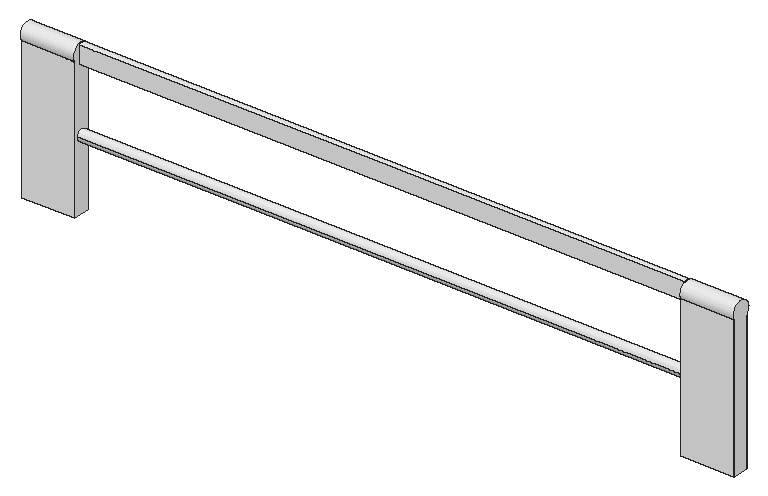
Revit family "Towel Rail-Double-Dorf Enigma", category Specialty Equipment, host Face, Revit 2014
Parameters (values of type "Standard")
  URL = "http://specify.caroma.com.au/"
  Type Comments = "Dorf Enigma Double Towel Rail - 600 mm"  # constant formula
  ModifiedIssue_ANZRS = 20160317.54  # constant formula
  Model = "6583.04"  # constant formula
  Material_ANZRS = Metal-Chrome-Caroma
  Manufacturer = "GWA Bathrooms&Kitchens"  # constant formula
  Length = 600 mm  # constant formula
  Keynote = ""
  Description = "TBC"  # constant formula
  Default Elevation = 0 mm
  CreatedBy_ANZRS = "Design Content"  # constant formula
  CreatedByURL_ANZRS = "http://www.designcontent.com.au"
  Cost = 0  # constant formula
  Assembly Code = "C1030200"
Reference planes
  plane 1 "Center (Front/Back)": y = 0
  plane 2: z = 0
  plane 3 "Center (Left/Right)": x = 0
  plane 4: through (0, 174.734, 207.382) normal (0, -0.682, 0.7314)
Forms (mm)
  Extrusion 1, solid, material "Metal-Chrome-Caroma" <- "Material_ANZRS"
    sketch origin (0, 0, 0) x (1, 0, 0) y (0, 1, 0)
      loop
        arc (-300, -6.503) -> (-299.855, -6.854) -> (-299.503, -7) r 0.497
        line (-299.503, -7) -> (-255, -7) -> (-255, 7) -> (-299.503, 7)
        arc (-299.503, 7) -> (-299.855, 6.854) -> (-300, 6.503) r 0.497
        line (-300, 6.503) -> (-300, -6.503)
      loop
        line (300, -6.503) -> (300, 6.503)
        arc (300, 6.503) -> (299.855, 6.854) -> (299.503, 7) r 0.497
        line (299.503, 7) -> (255, 7) -> (255, -7) -> (299.503, -7)
        arc (299.503, -7) -> (299.855, -6.854) -> (300, -6.503) r 0.497
    from 0 to 118
  Extrusion 2, solid, material "Metal-Chrome-Caroma" <- "Material_ANZRS"
    sketch origin (0, 0, 0) x (1, 0, 0) y (0, 1, 0)
      loop
        line (-255, 3) -> (-255, -3) -> (255, -3) -> (255, 3) -> (-255, 3)
    from 129.75 to 114.777
  Extrusion 3, solid, material "Metal-Chrome-Caroma" <- "Material_ANZRS"
    sketch origin (0, 0, 0) x (0, 1, 0) y (0, 0, 1)
      loop
        arc (6.635, 118) -> (-0.001, 129.75) -> (-6.637, 118) r 7.749
        line (-6.637, 118) -> (6.635, 118)
    from 255 to 300
  Extrusion 4, solid, material "Metal-Chrome-Caroma" <- "Material_ANZRS"
    sketch origin (0, 0, 0) x (0, 1, 0) y (0, 0, 1)
      loop
        arc (6.635, 118) -> (-0.001, 129.75) -> (-6.637, 118) r 7.749
        line (-6.637, 118) -> (6.635, 118)
    from -300 to -255
  Extrusion 5, solid, material "Metal-Chrome-Caroma" <- "Material_ANZRS"
    sketch origin (0, 0, 0) x (0, 1, 0) y (0, 0, 1)
      loop
        circle (0, 60) r 4.5
    from -255 to 255
  Extrusion 6, void
    sketch origin (0, 0, 0) x (0, 1, 0) y (0, 0, 1)
      loop
        line (6.635, 126.001) -> (6.635, 131.724) -> (-7.615, 131.724) -> (-7.615, 123.441)
        arc (-7.615, 123.441) -> (-1.371, 129.628) -> (6.635, 126.001) r 7.749
    from -332.44 to 336.737
Cuts and joins
  joined: Extrusion 1, Extrusion 3, Extrusion 4, Extrusion 5
  Extrusion 6 cuts Extrusion 2
Dimensions and locks
  aligned and locked: plane 2 to host face
  aligned and locked: level to host face
  aligned and locked: Extrusion 1 to level
